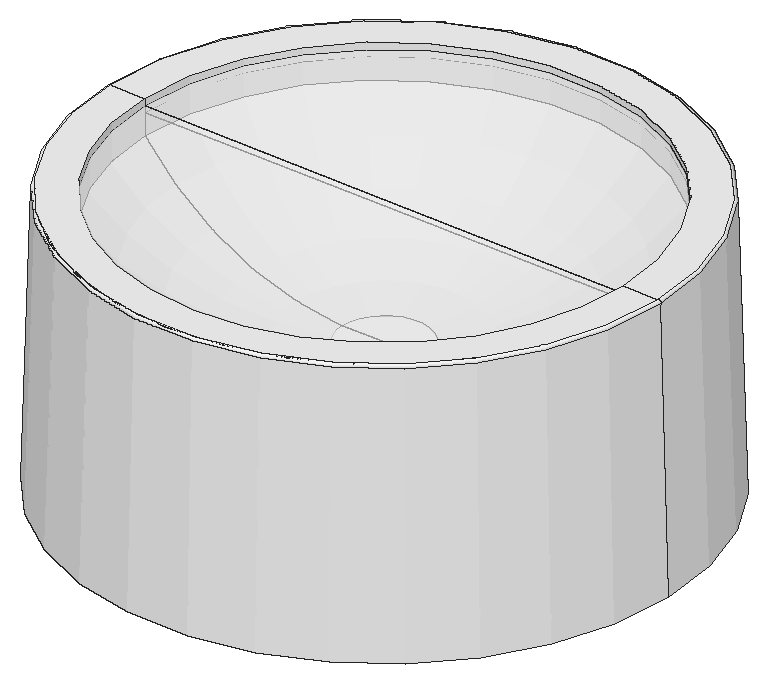
Revit family "0030319", category Lighting Fixtures, host Face, Revit 2016
Family settings
  Host = Face
  Part Type = Normal
  Round Connector Dimension = Use Diameter
  OmniClass Number = 23.80.70.00
  OmniClass Title = Lighting
  Cut with Voids When Loaded = No
  Light Source = Yes
  Shared = No
  Room Calculation Point = No
Parameters (values of type "0030319 Insaver Slim UGR19 220 2400lm 840 Srfc")
  WidthBezel_SYL = 20 mm
  Weight = "9.04 kg"
  Wattage Comments = ""
  Wattage = 20 W
  WarrantyStartDate [instance] = "n/a"
  WarrantyGuarantorParts = "n/a"
  WarrantyDurationUnit = "n/a"
  WarrantyDurationParts = "n/a"
  WarrantyDescription = "n/a"
  built-in parameter 1150110 = 1 (stored number, unit not read)
  Voltage = 230 V
  URL = "http://www.sylvania-lighting.com"
  TypeName = "Insaver Slim UGR19 220 2400lm 840 Surface"
  Type Image = <None>
  Type Comments = "n/a"
  built-in parameter 1114217 = 1 (stored number, unit not read)
  Tilt Angle = -90.00°
  Thickness_SYL = 2.5 mm
  built-in parameter 1150109 = 1 (stored number, unit not read)
  built-in parameter 1150134 = 12
  built-in parameter 1150113 = 1 (stored number, unit not read)
  Size1_SYL = no
  SerialNumber [instance] = "n/a"
  RadiusTop_SYL = 6 mm
  RadiusSleeveTop_SYL = if(Size1_SYL, 85.5 mm, 107 mm)  # 107 mm
  RadiusSleeveBottom_SYL = if(Size1_SYL, 77.5 mm, 104 mm)  # 104 mm
  RadiusReflector_SYL = if(Size1_SYL, 85 mm, 100 mm)  # 100 mm
  Photometric Web File = "0030319.ies"
  Material_3_FEILO = Top-Sylvania-STARTDownlight
  PowerFactor = 0.9
  PowerConsumption = "20 W"
  NominalLength = 220 mm
  NominalHeight = 95 mm
  NominalDepth = 220 mm
  Name = "Insaver Slim UGR19 220 2400lm 840 Surface"
  ModelReference = Name  # "Insaver Slim UGR19 220 2400lm 840 Surface"
  ModelNumber = "0030319"
  Model = Name  # "Insaver Slim UGR19 220 2400lm 840 Surface"
  Material = "aluminium housing, na diffuser"
  ManufacturerName = "Feilo Sylvania"
  Manufacturer = "Feilo Sylvania"
  LuminousEfficacy = "120 lm/W"
  built-in parameter 1150105 = 190.99 (stored number, unit not read)
  Lumens = 2400 lm
  LuminaireType = ""
  built-in parameter 1150115 = 1 (stored number, unit not read)
  LightOutputRatio = "n/a"
  built-in parameter 1150137 = (empty or 0)
  built-in parameter 1150139 = (empty or 0)
  LampsType = Lamp  # "LED"
  LampNominalLuminous = "2400 lm"
  LampMacAdamStep = "5"
  LampColourTemperature = "4000 K"
  LampColourRenderingIndex = "80"
  built-in parameter 1150112 = 1 (stored number, unit not read)
  built-in parameter 1150114 = 1 (stored number, unit not read)
  Lamp = "LED"
  Keynote = "16500"
  InstallationDate [instance] = "n/a"
  InputVoltage = "AC 220-240 V"
  InputNominalFrequency = "50/60 Hz"
  built-in parameter 1150132 = (empty or 0)
  built-in parameter 1150102 = (empty or 0)
  built-in parameter 1150107 = 4000 (stored number, unit not read)
  built-in parameter 1150138 = (empty or 0)
  IngressProtection = "IP20"
  ImpactProtectionIndex = "IK07"
  built-in parameter 1150106 = 1.9099 (stored number, unit not read)
  IfcExportType = "IfcLightFixtureType"
  IfcExportAs = "IfcLightFixtureType"
  Height_SYL = if(Size1_SYL, 61 mm, 61 mm)  # 61 mm
  HeightBezel_SYL = if(Size1_SYL, 3 mm, 3.2 mm)  # 3.2 mm
  ExpectedLife = 50000
  Emit from Circle Diameter = Diameter_SYL - 40 mm  # 180 mm
  Emit Shape Visible in Rendering = no
  ElectricShockClassification = "Class II"
  built-in parameter 1150104 = 11.148 (stored number, unit not read)
  DurationUnit = "hours"
  DocumentationLiterature = "http://www.sylvania-lighting.com/product/en-int/products/0030319"
  DimmingControlOptions = "n/a"
  Material_2_FEILO = Diffuser-Sylvania-STARTDownlight
  Dimming Lamp Color Temperature Shift = <None>
  Diameter_SYL = if(Size1_SYL, 165 mm, 220 mm)  # 220 mm
  DiameterTop_SYL = if(Size1_SYL, 98 mm, 135 mm)  # 135 mm
  DiameterTopBase_SYL = DiameterRecess_SYL  # 200 mm
  DiameterRecess_SYL = if(Size1_SYL, 150 mm, 200 mm)  # 200 mm
  Description = ""
  Default Elevation = 1219.2 mm
  CreatedOn = "3/18/2019"
  CreatedBy = "@sylvania-lighting.com"
  Cost = 0
  Color Filter = 16777215
  built-in parameter 1114216 [instance] = (empty or 0)
  ClassificationValue = "EF_70_80"
  ClassificationName = "Uniclass2015"
  Material_1_FEILO = Trim-Sylvania-STARTDownlight-White
  BarCode [instance] = "n/a"
  built-in parameter 1114218 = 1 (stored number, unit not read)
  built-in parameter 1150133 = 10 (stored number, unit not read)
  AssetType = "Fixed"
  AssetIdentifier [instance] = "n/a"
  Assembly Code = "D5020200"
  Apparent Load = 20 VA
  Material_4_FEILO = LED-Sylvania-STARTDownlight
Reference planes
  plane 1 "Center (Front/Back)": y = 0
  plane 2: z = 94
  plane 3 "Center (Left/Right)": x = 0
  plane 4: x = 110
  plane 5: x = -110
  plane 6: z = 97.2
  plane 7: z = 86
  plane 8: z = 36.2
  plane 9: x = -67.5
  plane 10: x = 67.5
  plane 11: z = 0
  plane 12: x = -90
  plane 13: z = 96.2
  plane 14: z = 48.2
  plane 15: x = -16
  plane 16: x = -99.5
  plane 17: x = -100
  plane 18: x = 100
  plane 19: z = 99.2
  plane 20: x = -104
  plane 21: z = 98.7
  plane 22: x = -107
  plane 23: x = -104.5
Forms (mm)
  Revolve 1, solid, material "Trim-Sylvania-STARTDownlight-White" <- "Material_1_FEILO"
    sketch origin (0, 0, 0) x (1, 0, 0) y (0, 0, 1)
      loop
        line (-90, 96.2) -> (-100, 96.2) -> (-100, 86) -> (-69.181, 39.432)
        arc (-69.181, 39.432) -> (-66.971, 37.071) -> (-63.857, 36.2) r 6
        line (-63.857, 36.2) -> (0, 36.2) -> (0, 48.2) -> (-16, 48.2)
        arc (-16, 48.2) -> (-57.112, 59.05) -> (-90, 86) r 100
        line (-90, 86) -> (-90, 96.2)
      axis (0, 96.2) -> (0, 36.2)
    angle from 360 to 0
  Revolve 2, solid, material "Diffuser-Sylvania-STARTDownlight" <- "Material_2_FEILO"
    sketch origin (0, 0, 0) x (1, 0, 0) y (0, 0, 1)
      loop
        line (-90, 94) -> (0, 94) -> (0, 96.2) -> (-90, 96.2) -> (-90, 94)
      axis (0, 96.2) -> (0, 94)
    angle from 360 to 0
  Revolve 3, solid, material "Trim-Sylvania-STARTDownlight-White" <- "Material_1_FEILO"
    sketch origin (0, 0, 0) x (1, 0, 0) y (0, 0, 1)
      loop
        line (-90, 96.2) -> (-90, 98.7) -> (-103.03, 98.7)
        arc (-103.03, 98.7) -> (-103.726, 98.418) -> (-104.029, 97.73) r 1
        line (-104.029, 97.73) -> (-107, 0) -> (-104.5, 0) -> (-100.203, 96.2) -> (-90, 96.2)
      axis (0, 98.7) -> (0, 0)
    angle from 360 to 0
Dimensions and locks
  equal spacing: plane 4, plane 3 "Center (Left/Right)", plane 5
  "Diameter_SYL": plane 4 to plane 5
  equal spacing: plane 10, plane 3 "Center (Left/Right)", plane 9
  "DiameterTop_SYL": plane 10 to plane 9
  "HeightBezel_SYL": plane 6 to plane 2
  "Height_SYL": plane 6 to plane 8
  locked: plane 2 to plane 7 at 8
  locked: plane 2 to plane 11 at 94
  "WidthBezel_SYL": plane 12 to plane 5
  locked: plane 6 to plane 13 at 1
  locked: plane 3 "Center (Left/Right)" to plane 15 at 16
  locked: plane 14 to plane 8 at 12
  equal spacing: plane 18, plane 3 "Center (Left/Right)", plane 17
  "DiameterRecess_SYL": plane 17 to plane 18
  locked: plane 19 to plane 6 at 2
  "RadiusSleeveBottom_SYL": plane 3 "Center (Left/Right)" to plane 20
  "Thickness_SYL": plane 21 to plane 13
  "RadiusSleeveTop_SYL": plane 3 "Center (Left/Right)" to plane 22
  "Thickness_SYL": plane 22 to plane 23
  "RadiusReflector_SYL": radius of Revolve 1 sketch curve
  "RadiusTop_SYL": radius of Revolve 1 sketch curve
  aligned and locked: level to host face
  aligned and locked: plane 3 "Center (Left/Right)" to imposter light
  aligned and locked: imposter light to plane 13
  aligned and locked: imposter light to plane 1 "Center (Front/Back)"
  aligned and locked: Revolve 1 sketch curve to plane 3 "Center (Left/Right)"
  aligned and locked: plane 7 to Revolve 1 sketch curve  (x2)
  aligned and locked: plane 8 to Revolve 1 sketch curve
  aligned and locked: Revolve 1 sketch curve to plane 12
  aligned and locked: plane 3 "Center (Left/Right)" to Revolve 1 sketch curve
  aligned and locked: Revolve 1 sketch curve to plane 14
  aligned and locked: Revolve 2 sketch curve to plane 3 "Center (Left/Right)"
  aligned and locked: imposter light to Revolve 2 sketch curve  (x2)
  aligned and locked: plane 17 to Revolve 1 sketch curve
  aligned and locked: Revolve 2 sketch curve to plane 2
  aligned and locked: Revolve 1 sketch curve to plane 13
  aligned and locked: Revolve 3 sketch curve to plane 3 "Center (Left/Right)"
  aligned and locked: Revolve 1 to Revolve 3 sketch curve
  aligned and locked: Revolve 3 sketch curve to Revolve 1
  aligned and locked: Revolve 3 sketch curve to plane 21
  aligned and locked: plane 11 to Revolve 3 sketch curve
  aligned and locked: plane 13 to Revolve 3 sketch curve
Automatic sketch dimensions
  host sketch curve to host sketch curve = 2438.4 mm  (x2)
  Revolve 2 sketch curve to plane 12 = 0 mm
  Revolve 2 sketch curve to level = 472.1 mm
  Revolve 2 sketch curve to plane 6 = 2606.058 mm
  Revolve 1 sketch curve to plane 15 = 0 mm
  Revolve 1 sketch curve to plane 9 = 1.681 mm
  plane 9 to Revolve 1 sketch curve = 3.643 mm
  Revolve 1 sketch curve to level = 472.1 mm
  Revolve 1 sketch curve to Revolve 1 sketch curve = 2577.983 mm
  plane 22 to Revolve 3 sketch curve = 0 mm
  plane 23 to Revolve 3 sketch curve = 0 mm
  plane 20 to Revolve 3 sketch curve = 0.029 mm
  Revolve 3 sketch curve to plane 6 = 0.5 mm
  Revolve 3 sketch curve to Revolve 3 sketch curve = 1 mm
  plane 17 to Revolve 3 sketch curve = 0.203 mm
  Revolve 3 sketch curve to level = 609.6 mm
  Revolve 3 sketch curve to plane 19 = 2466.558 mm
Connectors
  electrical at (0, 0, 0), driven by "Apparent Load", driven by "PowerFactor", driven by "Voltage"
    settings: index 1, voltage 230 V, apparent load 20 VA, apparent load phase1 0 VA, apparent load phase2 0 VA, apparent load phase3 0 VA, power factor 0.9, load classification "Lighting", number of poles 1, system type 30, power factor state 1, is connector primary yes, connector utility no, sub classification motor no, connector description ""
